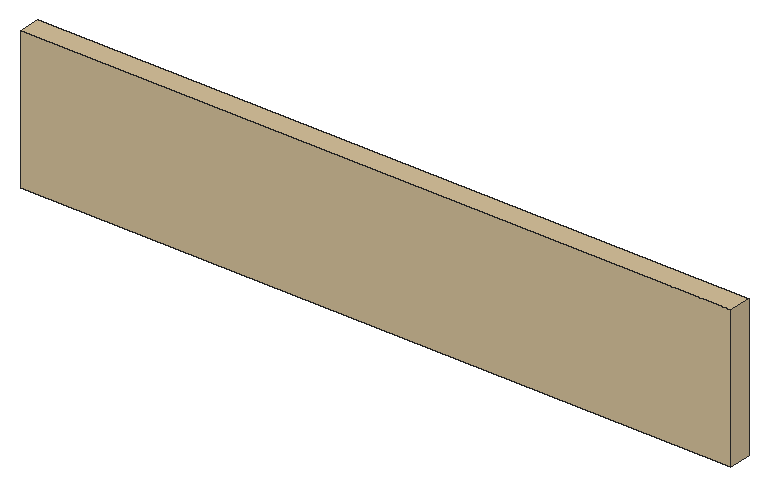
Revit family "Beam-Roseburg-RigidLam_LVL", category Structural Framing, Revit 2026
Family settings
  Structural Framing Length Roundoff = 0' - 0"
  Section Shape = Not Defined
  Material for Model Behavior = Wood
  Always export as geometry = No
  Classification Number = 23.25.30.11.14.14
  Always vertical = Yes
  Cut with Voids When Loaded = No
  Symbolic Representation = From Project Settings
  Shared = No
  Show family pre-cut in plan views = Yes
Parameters (values of type "1-1/2" x 9-1/2"")
  URL = "https://www.roseburg.com/engineered-wood/rigidlam-lvl/"
  Testing Data = "See ESR1210"
  Structural Material = Engineered Wood - Roseburg - LVL
  Specification = "https://www.arcat.com/company/roseburg-43520/spec"
  Series = "RigidLam"
  Product Data = "https://www.arcat.com/arcatcos/cos43/arc43520.html"
  Model = "1-1/2\" 9-1/2\""
  Material = "LVL OSB"
  Manufacturer = "Roseburg"
  Keynote = "06 40 00"
  Installation Guide = "https://www.arcat.com/company/roseburg-43520-roseburg/catalog-viewer/framing-system-installation-guide-9235/1"
  Green Building-LEED = "https://www.arcat.com/company/roseburg-43520/leed"
  EWP Application Chart = "https://www.arcat.com/bim/roseburg/Roseburg-EWP-Application-Charts.xlsx"
  Description = "RigidLam LVL Beam - 1-1/2\" x 9-1/2\""
  Construction Details = "https://www.arcat.com/downloads/roseburg-43520-roseburg/cad/Q:lvl"
  Building Codes = "See PR-L289 & PR-L289C"
  Assembly Code = "B10"
  Length [instance] = 5' - 0"
  b = 0' - 1 1/2"
  d = 0' - 9 1/2"
  Application Chart = "https://www.roseburg.com/resources/choose-the-right-mdf-for-your-next-job/"
Types (58): name | Model | Description | b | d
  1-1/2" x 3-1/2" | "1-1/2\" 3-1/2\"" | "RigidLam LVL Beam - 1-1/2\" x 3-1/2\"" | 0' - 1 1/2" | 0' - 3 1/2"
  1-1/2" x 4-3/8" | "1-1/2\" 4-3/8\"" | "RigidLam LVL Beam - 1-1/2\" x 4-3/8\"" | 0' - 1 1/2" | 0' - 4.38"
  1-1/2" x 5-1/2" | "1-1/2\" 5-1/2\"" | "RigidLam LVL Beam - 1-1/2\" x 5-1/2\"" | 0' - 1 1/2" | 0' - 5 1/2"
  1-1/2" x 7-1/4" | "1-1/2\" 7-1/4\"" | "RigidLam LVL Beam - 1-1/2\" x 7-1/4\"" | 0' - 1 1/2" | 0' - 7 1/4"
  1-1/2" x 9-1/4" | "1-1/2\" 9-1/4\"" | "RigidLam LVL Beam - 1-1/2\" x 9-1/4\"" | 0' - 1 1/2" | 0' - 9 1/4"
  1-1/2" x 9-1/2" | "1-1/2\" 9-1/2\"" | "RigidLam LVL Beam - 1-1/2\" x 9-1/2\"" | 0' - 1 1/2" | 0' - 9 1/2"
  1-1/2" x 11-1/4" | "1-1/2\" 11-1/4\"" | "RigidLam LVL Beam - 1-1/2\" x 11-1/4\"" | 0' - 1 1/2" | 0' - 11 1/4"
  1-1/2" x 11-7/8" | "1-1/2\" 11-7/8\"" | "RigidLam LVL Beam - 1-1/2\" x 11-7/8\"" | 0' - 1 1/2" | 0' - 11.88"
  1-1/2" x 14" | "1-1/2\" 14\"" | "RigidLam LVL Beam - 1-1/2\" x 14\"" | 0' - 1 1/2" | 1' - 2"
  1-1/2" x 16" | "1-1/2\" 16\"" | "RigidLam LVL Beam - 1-1/2\" x 16\"" | 0' - 1 1/2" | 1' - 4"
  1-1/2" x 18" | "1-1/2\" 18\"" | "RigidLam LVL Beam - 1-1/2\" x 18\"" | 0' - 1 1/2" | 1' - 6"
  1-1/2" x 20" | "1-1/2\" 20\"" | "RigidLam LVL Beam - 1-1/2\" x 20\"" | 0' - 1 1/2" | 1' - 8"
  1-1/2" x 22" | "1-1/2\" 22\"" | "RigidLam LVL Beam - 1-1/2\" x 22\"" | 0' - 1 1/2" | 1' - 10"
  1-1/2" x 24" | "1-1/2\" 24\"" | "RigidLam LVL Beam - 1-1/2\" x 24\"" | 0' - 1 1/2" | 2' - 0"
  1-3/4" x 3-1/2" | "1-3/4\" 3-1/2\"" | "RigidLam LVL Beam - 1-3/4\" x 3-1/2\"" | 0' - 1 3/4" | 0' - 3 1/2"
  1-3/4" x 4-3/8" | "1-3/4\" 4-3/8\"" | "RigidLam LVL Beam - 1-3/4\" x 4-3/8\"" | 0' - 1 3/4" | 0' - 4.38"
  1-3/4" x 5-1/2" | "1-3/4\" 5-1/2\"" | "RigidLam LVL Beam - 1-3/4\" x 5-1/2\"" | 0' - 1 3/4" | 0' - 5 1/2"
  1-3/4" x 7-1/4" | "1-3/4\" 7-1/4\"" | "RigidLam LVL Beam - 1-3/4\" x 7-1/4\"" | 0' - 1 3/4" | 0' - 7 1/4"
  1-3/4" x 9-1/4" | "1-3/4\" 9-1/4\"" | "RigidLam LVL Beam - 1-3/4\" x 9-1/4\"" | 0' - 1 3/4" | 0' - 9 1/4"
  1-3/4" x 9-1/2" | "1-3/4\" 9-1/2\"" | "RigidLam LVL Beam - 1-3/4\" x 9-1/2\"" | 0' - 1 3/4" | 0' - 9 1/2"
  1-3/4" x 11-1/4" | "1-3/4\" 11-1/4\"" | "RigidLam LVL Beam - 1-3/4\" x 11-1/4\"" | 0' - 1 3/4" | 0' - 11 1/4"
  1-3/4" x 11-7/8" | "1-3/4\" 11-7/8\"" | "RigidLam LVL Beam - 1-3/4\" x 11-7/8\"" | 0' - 1 3/4" | 0' - 11.88"
  1-3/4" x 14" | "1-3/4\" 14\"" | "RigidLam LVL Beam - 1-3/4\" x 14\"" | 0' - 1 3/4" | 1' - 2"
  1-3/4" x 16" | "1-3/4\" 16\"" | "RigidLam LVL Beam - 1-3/4\" x 16\"" | 0' - 1 3/4" | 1' - 4"
  1-3/4" x 18" | "1-3/4\" 18\"" | "RigidLam LVL Beam - 1-3/4\" x 18\"" | 0' - 1 3/4" | 1' - 6"
  1-3/4" x 20" | "1-3/4\" 20\"" | "RigidLam LVL Beam - 1-3/4\" x 20\"" | 0' - 1 3/4" | 1' - 8"
  1-3/4" x 22" | "1-3/4\" 22\"" | "RigidLam LVL Beam - 1-3/4\" x 22\"" | 0' - 1 3/4" | 1' - 10"
  1-3/4" x 24" | "1-3/4\" 24\"" | "RigidLam LVL Beam - 1-3/4\" x 24\"" | 0' - 1 3/4" | 2' - 0"
  7" x 9-1/2" | "7\" 9-1/2\"" | "RigidLam LVL Beam - 7\" x 9-1/2\"" | 0' - 7" | 0' - 9 1/2"
  7" x 11-1/4" | "7\" 11-1/4\"" | "RigidLam LVL Beam - 7\" x 11-1/4\"" | 0' - 7" | 0' - 11 1/4"
  7" x 11-7/8" | "7\" 11-7/8\"" | "RigidLam LVL Beam - 7\" x 11-7/8\"" | 0' - 7" | 0' - 11.88"
  7" x 14" | "7\" 14\"" | "RigidLam LVL Beam - 7\" x 14\"" | 0' - 7" | 1' - 2"
  7" x 16" | "7\" 16\"" | "RigidLam LVL Beam - 7\" x 16\"" | 0' - 7" | 1' - 4"
  7" x 18" | "7\" 18\"" | "RigidLam LVL Beam - 7\" x 18\"" | 0' - 7" | 1' - 6"
  7" x 20" | "7\" 20\"" | "RigidLam LVL Beam - 7\" x 20\"" | 0' - 7" | 1' - 8"
  7" x 22" | "7\" 22\"" | "RigidLam LVL Beam - 7\" x 22\"" | 0' - 7" | 1' - 10"
  7" x 24" | "7\" 24\"" | "RigidLam LVL Beam - 7\" x 24\"" | 0' - 7" | 2' - 0"
  5-1/4" x 9-1/2" | "5-1/4\" 9-1/2\"" | "RigidLam LVL Beam - 5-1/4\" x 9-1/2\"" | 0' - 5 1/4" | 0' - 9 1/2"
  5-1/4" x 11-1/4" | "5-1/4\" 11-1/4\"" | "RigidLam LVL Beam - 5-1/4\" x 11-1/4\"" | 0' - 5 1/4" | 0' - 11 1/4"
  5-1/4" x 11-7/8" | "5-1/4\" 11-7/8\"" | "RigidLam LVL Beam - 5-1/4\" x 11-7/8\"" | 0' - 5 1/4" | 0' - 11.88"
  5-1/4" x 14" | "5-1/4\" 14\"" | "RigidLam LVL Beam - 5-1/4\" x 14\"" | 0' - 5 1/4" | 1' - 2"
  5-1/4" x 16" | "5-1/4\" 16\"" | "RigidLam LVL Beam - 5-1/4\" x 16\"" | 0' - 5 1/4" | 1' - 4"
  5-1/4" x 18" | "5-1/4\" 18\"" | "RigidLam LVL Beam - 5-1/4\" x 18\"" | 0' - 5 1/4" | 1' - 6"
  5-1/4" x 20" | "5-1/4\" 20\"" | "RigidLam LVL Beam - 5-1/4\" x 20\"" | 0' - 5 1/4" | 1' - 8"
  5-1/4" x 22" | "5-1/4\" 22\"" | "RigidLam LVL Beam - 5-1/4\" x 22\"" | 0' - 5 1/4" | 1' - 10"
  5-1/4" x 24" | "5-1/4\" 24\"" | "RigidLam LVL Beam - 5-1/4\" x 24\"" | 0' - 5 1/4" | 2' - 0"
  3-1/2" x 5-1/2" | "3-1/2\" 5-1/2\"" | "RigidLam LVL Beam - 3-1/2\" x 5-1/2\"" | 0' - 3 1/2" | 0' - 5 1/2"
  3-1/2" x 7-1/4" | "3-1/2\" 7-1/4\"" | "RigidLam LVL Beam - 3-1/2\" x 7-1/4\"" | 0' - 3 1/2" | 0' - 7 1/4"
  3-1/2" x 9-1/4" | "3-1/2\" 9-1/4\"" | "RigidLam LVL Beam - 3-1/2\" x 9-1/4\"" | 0' - 3 1/2" | 0' - 9 1/4"
  3-1/2" x 9-1/2" | "3-1/2\" 9-1/2\"" | "RigidLam LVL Beam - 3-1/2\" x 9-1/2\"" | 0' - 3 1/2" | 0' - 9 1/2"
  3-1/2" x 11-1/4" | "3-1/2\" 11-1/4\"" | "RigidLam LVL Beam - 3-1/2\" x 11-1/4\"" | 0' - 3 1/2" | 0' - 11 1/4"
  3-1/2" x 11-7/8" | "3-1/2\" 11-7/8\"" | "RigidLam LVL Beam - 3-1/2\" x 11-7/8\"" | 0' - 3 1/2" | 0' - 11.88"
  3-1/2" x 14" | "3-1/2\" 14\"" | "RigidLam LVL Beam - 3-1/2\" x 14\"" | 0' - 3 1/2" | 1' - 2"
  3-1/2" x 16" | "3-1/2\" 16\"" | "RigidLam LVL Beam - 3-1/2\" x 16\"" | 0' - 3 1/2" | 1' - 4"
  3-1/2" x 18" | "3-1/2\" 18\"" | "RigidLam LVL Beam - 3-1/2\" x 18\"" | 0' - 3 1/2" | 1' - 6"
  3-1/2" x 20" | "3-1/2\" 20\"" | "RigidLam LVL Beam - 3-1/2\" x 20\"" | 0' - 3 1/2" | 1' - 8"
  3-1/2" x 22" | "3-1/2\" 22\"" | "RigidLam LVL Beam - 3-1/2\" x 22\"" | 0' - 3 1/2" | 1' - 10"
  3-1/2" x 24" | "3-1/2\" 24\"" | "RigidLam LVL Beam - 3-1/2\" x 24\"" | 0' - 3 1/2" | 2' - 0"
Reference planes (in)
  plane 1 "Center (Front/Back)": y = 0
  plane 2: z = 0
  plane 3 "Center (Left/Right)": x = 0.1815
  plane 4 "Member Left": x = -23.8185
  plane 5 "Member Right": x = 24.1815
  plane 6: y = 0.75
  plane 7: y = -0.75
  plane 8: z = 4.75
  plane 9: z = -4.75
  plane 10 "Left": x = -29.8185
  plane 11 "Stick Symbol Left": x = -17.8185
  plane 12 "Stick Symbol Right": x = 18.1815
  plane 13 "Right": x = 30.1815
Forms (in)
  Sweep 1, solid, material "Engineered Wood - Roseburg - LVL" <- "Structural Material", detail levels medium+fine
    path origin (0, 0, 0) x (1, 0, 0) y (0, 1, 0)
      loop
        line (24.1815, 0) -> (-23.8185, 0)
    profile "Rectangular Wood Beam-Profile : Rectangular Wood Beam-Profile" origin (0.1815, 0, 0) x (0, -1, 0) y (0, 0, 1)
      loop
        line (-0.75, -4.75) -> (0.75, -4.75) -> (0.75, 4.75) -> (-0.75, 4.75) -> (-0.75, -4.75)
Lines and regions (in)
  symbolic lines, style "Stick Symbols", detail levels coarse
    curve 1: line (0.1815, 0.75, 4.75) -> (0.1815, -0.75, 4.75)
    curve 2: line (0.1815, -0.75, -4.75) -> (0.1815, 0.75, -4.75)
    curve 3: line (0.1815, -0.75, 4.75) -> (0.1815, -0.75, -4.75)
    curve 4: line (0.1815, 0.75, -4.75) -> (0.1815, 0.75, 4.75)
Dimensions and locks (in)
  "b": plane 6 to plane 7
  "d": plane 9 to plane 8
  equal spacing: plane 9, plane 2, plane 8
  equal spacing: plane 6, plane 1 "Center (Front/Back)", plane 7
  "Length": plane 10 "Left" to plane 13 "Right"
  aligned and locked: Sweep 1 sketch curve to plane 1 "Center (Front/Back)"
  aligned and locked: curve 1 to Sweep 1
  aligned and locked: curve 2 to Sweep 1
  aligned and locked: curve 3 to Sweep 1
  aligned and locked: curve 4 to Sweep 1
  aligned and locked: plane 4 "Member Left" to Sweep 1 sketch curve
  aligned and locked: plane 5 "Member Right" to Sweep 1 sketch curve
